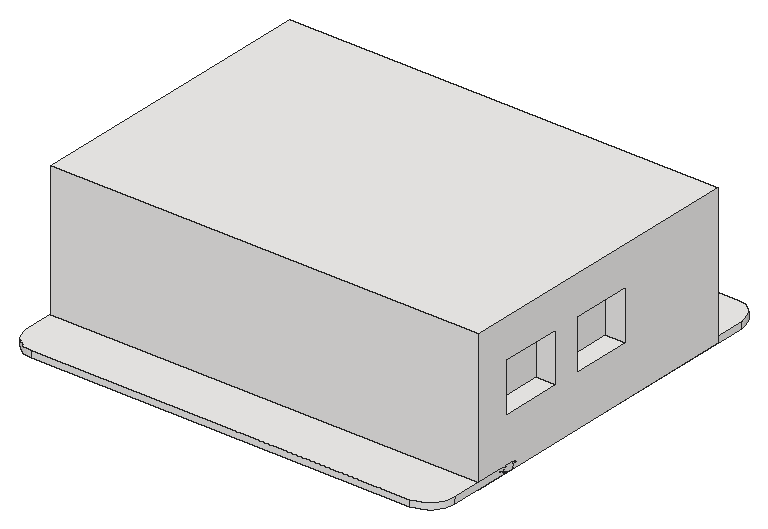
Revit family "Electrical-Lutron-QS_J-Box_Power_Supply", category Lighting Devices, host Face, Revit 2017
Family settings
  Host = Face
  Maintain Annotation Orientation = Yes
  Round Connector Dimension = Use Diameter
  Part Type = Switch
  OmniClass Number = 23.85.80.11.27
  OmniClass Title = Lighting Controls
  Cut with Voids When Loaded = No
  Shared = No
  Room Calculation Point = No
Parameters (values of type "QSPS-J-1-50")
  Warranty URL = "http://www.lutron.com/en-US/Service-Support/Pages/Service/Warranty/Warranty.aspx"
  Voltage Comment = "24V"  # constant formula
  Voltage = 24 V
  Video Link = "https://www.youtube.com/user/LutronElectronicsInc"
  Version = "2017 - v1.0a"  # constant formula
  URL = "http://www.lutron.com"
  Type Comments = ""
  Support Phone = "(224) 699-9545"  # constant formula
  Support Email = "mailto: support@anguleris.com"
  Series = "SivoiaQS"  # constant formula
  Product Page URL = "http://www.lutron.com/en-US/Products/Pages/Components/PalladiomQSRoomThermostat/Overview.aspx"
  Product Name = "QS J-Box Power Supply"  # constant formula
  Product Documentation Link = "http://www.lutron.com/TechnicalDocumentLibrary/085-274_QS_JBOX_PS.pdf"
  Performance URL = "http://www.lutron.com/en-US/Products/Pages/ShadingSystems/SivoiaQS/Overview.aspx"
  Overall Width = 0' - 4 77/256"  # constant formula
  Overall Height = 0' - 1 51/128"  # constant formula
  Overall Depth = 0' - 4 13/128"  # constant formula
  Model = "QSPS-J-1-50"  # constant formula
  Material = ""
  Manufacturer Phone Number = "610-282-3800"  # constant formula
  Manufacturer Fax Number = "610-282-1243"  # constant formula
  Manufacturer Email = "mailto:support@lutron.com"
  Manufacturer Address = "7200 Suter Rd, Coopersburg, PA 18036"  # constant formula
  Manufacturer = "Lutron Electronics Co., Inc"  # constant formula
  Keynote = ""
  Instruction Sheet Link = "http://www.lutron.com/en-US/Service-Support/Pages/Technical/InstallationInstructions/InstallationInstructions.aspx"
  Input Voltage = 120 V
  Frequency = 50 Hz
  Finish = Plastic - Lutron - White - Matte
  Environment = "Ambient operating temperature 32 ˚F to 104 ˚F (0 ˚C to 40 ˚C), Maximum 90% non-condensing relative humidity, Indoor use only, IP20 Rating."  # constant formula
  Description = "QS J-Box Power Supply"  # constant formula
  Default Elevation = 4' - 0"
  Cost Info = "mailto:custsvc@lutron.com"
  Cost = 0
  Copyright = "© 2019 Lutron Electronics Co., Inc."  # constant formula
  Assembly Code = "D5020120"
  Apparent Load = 0 VA
Reference planes (in)
  plane 1 "Center (Front/Back)": y = 0
  plane 2: z = 0
  plane 3 "Center (Left/Right)": x = 0
  plane 4: y = 2.05
  plane 5: y = -2.05
  plane 6: x = -2.15
  plane 7: x = 2.15
  plane 8: y = 1.5
  plane 9: y = -1.5
  plane 10: z = 0.0625
  plane 11: z = 1.4
Forms (in)
  Extrusion 1, solid, material "Plastic - Lutron - White - Matte" <- "Finish"
    sketch origin (0, 0, 0) x (1, 0, 0) y (0, 1, 0)
      loop
        arc (-1.9, 2.05) -> (-2.07678, 1.97678) -> (-2.15, 1.8) r 0.25
        line (-2.15, 1.8) -> (-2.15, -1.8)
        arc (-2.15, -1.8) -> (-2.07678, -1.97678) -> (-1.9, -2.05) r 0.25
        line (-1.9, -2.05) -> (1.9, -2.05)
        arc (1.9, -2.05) -> (2.07678, -1.97678) -> (2.15, -1.8) r 0.25
        line (2.15, -1.8) -> (2.15, 1.8)
        arc (2.15, 1.8) -> (2.07678, 1.97678) -> (1.9, 2.05) r 0.25
        line (1.9, 2.05) -> (-1.9, 2.05)
    from 0 to 0.0625
  Extrusion 2, solid, material "Plastic - Lutron - White - Matte" <- "Finish"
    sketch origin (0, 0, 0) x (1, 0, 0) y (0, 1, 0)
      loop
        line (-2.15, 1.5) -> (-2.15, -1.5) -> (2.15, -1.5) -> (2.15, 1.5) -> (-2.15, 1.5)
    from 0 to 1.4
  Extrusion 3, void
    sketch origin (0, -0.9063, 0) x (0, 1, 0) y (0, 0, 1)
      loop
        line (1.24802, 1.01236) -> (0.63756, 1.01236) -> (0.63756, 0.51236) -> (1.24802, 0.51236) -> (1.24802, 1.01236)
      loop
        line (0.37797, 1.01236) -> (-0.25246, 1.01236) -> (-0.25246, 0.51236) -> (0.37797, 0.51236) -> (0.37797, 1.01236)
    from 1.94628 to 2.31325
Cuts and joins
  Extrusion 3 cuts Extrusion 2
Lines and regions (in)
  Masking region 1
    outline origin (0, 0, 0) x (1, 0, 0) y (0, 0, 1)
      loop
        line (2.15, 1.4) -> (-2.15, 1.4) -> (-2.15, 0) -> (2.15, 0) -> (2.15, 1.4)
  symbolic lines, detail levels fine
    curve 1: line (2.15, 0, 0.0625) -> (-2.15, 0, 0.0625)
Dimensions and locks (in)
  equal spacing: plane 6, plane 3 "Center (Left/Right)", plane 7
  equal spacing: plane 4, plane 1 "Center (Front/Back)", plane 5
  plane 4 to plane 5 = 0' - 4.1"
  plane 6 to plane 7 = 0' - 4.3"
  plane 9 to plane 1 "Center (Front/Back)" to plane 8 = 0' - 1 1/2" locked, 0' - 1 1/2" locked
  locked: plane 6 to Extrusion 1 sketch curve at 0.25  (x2)
  locked: plane 4 to Extrusion 1 sketch curve at 0.25  (x2)
  locked: Extrusion 1 sketch curve to plane 7 at 0.25  (x2)
  locked: plane 5 to Extrusion 1 sketch curve at 0.25  (x2)
  plane 10 to level = 0' - 0 1/16"
  locked: plane 11 to level at 1.4
  aligned and locked: plane 2 to host face
  aligned and locked: level to host face
  aligned and locked: Extrusion 1 sketch curve to plane 4
  aligned and locked: plane 6 to Extrusion 1 sketch curve
  aligned and locked: plane 7 to Extrusion 1 sketch curve
  aligned and locked: Extrusion 1 sketch curve to plane 5
  aligned and locked: plane 10 to Extrusion 1
  aligned and locked: Extrusion 1 to level
  aligned and locked: Extrusion 2 sketch curve to plane 8
  aligned and locked: plane 6 to Extrusion 2 sketch curve
  aligned and locked: Extrusion 2 sketch curve to plane 9
  aligned and locked: plane 7 to Extrusion 2 sketch curve
  aligned and locked: plane 11 to Extrusion 2
  aligned and locked: Masking region 1 sketch curve to cut or joined group of Extrusion 2, Extrusion 3  (x2)
  aligned and locked: Masking region 1 sketch curve to level
  aligned and locked: Masking region 1 sketch curve to plane 6
  aligned and locked: plane 6 to curve 1
  aligned and locked: plane 7 to curve 1
  aligned and locked: curve 1 to plane 10
Automatic sketch dimensions
  host sketch curve to host sketch curve = 8' - 0"  (x2)
  plane 1 "Center (Front/Back)" to Extrusion 3 sketch curve = 0' - 1.15876"
  plane 1 "Center (Front/Back)" to Extrusion 3 sketch curve = 0' - 0.52833"
  Extrusion 3 sketch curve to Extrusion 3 sketch curve = 0' - 0.25959"
  Extrusion 3 sketch curve to plane 8 = 0' - 1.15828"
  plane 10 to Extrusion 3 sketch curve = 0' - 0.44986"  (x2)
  Extrusion 3 sketch curve to plane 11 = 0' - 0.38764"  (x2)
Connectors (in)
  electrical at (2.15, 0.03649, 0.76236)
    settings: on cut or joined group of Extrusion 2, Extrusion 3, index 1, voltage 0 V, apparent load 0 VA, apparent load phase1 0 VA, apparent load phase2 0 VA, apparent load phase3 0 VA, power factor 1, load classification "Other", number of poles 1, system type 14, power factor state 1, is connector primary yes, connector utility no, sub classification motor no, connector description "Communication Connection"
  electrical at (2.15, -0.84354, 0.76236), driven by "Voltage", driven by "Apparent Load"
    settings: on cut or joined group of Extrusion 2, Extrusion 3, index 2, voltage 24 V, apparent load 0 VA, apparent load phase1 0 VA, apparent load phase2 0 VA, apparent load phase3 0 VA, power factor 1, load classification "Other", number of poles 1, system type 31, power factor state 1, is connector primary no, connector utility no, sub classification motor no, connector description "Power Connection"
  electrical at (2.15, -0.84354, 0.76236)
    settings: on cut or joined group of Extrusion 2, Extrusion 3, index 3, voltage 0 V, apparent load 0 VA, apparent load phase1 0 VA, apparent load phase2 0 VA, apparent load phase3 0 VA, power factor 1, load classification "Other", number of poles 1, system type 14, power factor state 1, is connector primary no, connector utility no, sub classification motor no, connector description "Communication Connection"
